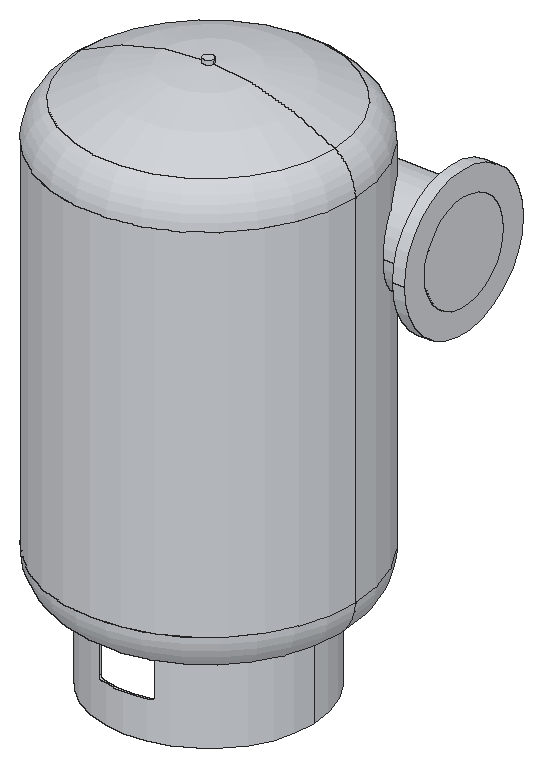
Revit family
Parameters (values of type "14-AS-L 125# W.P.")
  Weight = "1950 lbs"
  Top to Inlet = 20.875"
  Top Connection Radius = 0.375"
  Top Connection Diameter = Top Connection Radius * 2  # 0.750"
  Tank Height = 85.125"
  Tangential = yes
  Tank Height Less Stand = 71.750"
  Tank Diameter = 42.000"
  Pipe Location off CL = 13.000"
  Outlet Pipe Flange Conn. Radius = Outlet Pipe Flange Conn / 2  # 7.000"
  Outlet Pipe Flange Conn = 14.000"
  Model = "14\"-AS-L"
  Pressure Drop = ".2"
  Max Operating Temp = "350 DEG F"
  Max Operating Pressure = "125 PSI"
  Manufacturer = "Amtrol"
  Inlet CL to Outlet CL = 30.000"
  Inlet Pipe Flange Conn = 14.000"
  Inlet Pipe Flange Conn. Radius = Inlet Pipe Flange Conn / 2  # 7.000"
  Flow (GPM) = "2600"
  Flange to Flange Height = 52.000"
  CL to Outlet Flange = 26.000"
  Bottom Connection Radius = Bottom Connection Diameter / 2  # 0.375"
  Bottom Connection Diameter = 0.750"
  ASME = yes
Types (4): name | Max Operating Pressure
  (no name) | "125 PSI"
  14-AS-L 125# W.P. | "125 PSI"
  14-AS-L 150# W.P. 10 BAR | "150 PSI"
  14-AS-L 250# W.P. | "250 PSI"
Reference planes (in)
  plane 1 "Center (Front/Back)": y = 0
  plane 2: z = 0
  plane 3 "Center (Left/Right)": x = 0
Forms (in)
  Revolve 1, solid
    sketch origin (0, 0, 0) x (1, 0, 0) y (0, 0, 1)
      loop
        line (0, 72.75) -> (0, 1)
        arc (0, 1) -> (9.31453, 2.22068) -> (17.99612, 5.80964) r 36
        arc (17.99612, 5.80964) -> (20.19503, 8.00609) -> (21, 11.00803) r 6
        line (21, 11.00803) -> (21, 62.74198)
        arc (21, 62.74198) -> (20.19503, 65.74392) -> (17.99611, 67.94037) r 6
        arc (17.99611, 67.94037) -> (9.31453, 71.52933) -> (0, 72.75) r 36
      axis (0, 1) -> (0, 72.75)
    angle from 0 to 360
  Extrusion 2, solid
    sketch origin (0, 0, 4.33383) x (0, 1, 0) y (0, 0, 1)
      loop
        circle (13, 47.56734) r 7
    from 2.04863 to 26
  Extrusion 3, solid
    sketch origin (1.78583, 0, 18.02222) x (0, 1, 0) y (0, 0, 1)
      loop
        circle (13, 3.87895) r 7
    from -26.22027 to -1.78583
  Extrusion 4, solid
    sketch origin (6.54208, 0, 8.25512) x (0, 1, 0) y (0, 0, 1)
      loop
        circle (13, 43.64605) r 10.5
    from 19.45792 to 17.70792
  Extrusion 5, solid
    sketch origin (0, 0, 0.63219) x (0, 1, 0) y (0, 0, 1)
      loop
        circle (13, 21.26898) r 10.5
    from -24.43444 to -26
  Sweep 6, solid
    path origin (0.0083, 0, 42.63637) x (1, 0, 0) y (0, 0, 1)
      loop
        line (0, 30.1398) -> (0, 30.6398)
    profile origin (0.0083, 0, 73.02617) x (-1, 0, 0) y (0, -1, 0)
      loop
        circle (0, 0) r 0.75
  Sweep 7, solid
    path origin (0, 0, 0.47237) x (1, 0, 0) y (0, 0, 1)
      loop
        line (0, 0) -> (0, 0.5538)
    profile origin (0, 0, 0.74927) x (-1, 0, 0) y (0, -1, 0)
      loop
        circle (0, 0) r 0.75
  Extrusion 8, solid
    sketch origin (0, 0, 0) x (1, 0, 0) y (0, 1, 0)
      loop
        circle (0, 0) r 15
      loop
        circle (0, 0) r 14.75
    from 6.82804 to -6.54728
  Extrusion 9, void
    sketch origin (0, 0, 0) x (1, 0, 0) y (0, 0, 1)
      loop
        line (-3.98176, 6.82804) -> (-3.98176, -0.63548)
        arc (-3.98176, -0.63548) -> (-3.83532, -0.98904) -> (-3.48176, -1.13548) r 0.5
        line (-3.48176, -1.13548) -> (3.48176, -1.13548)
        arc (3.48176, -1.13548) -> (3.83532, -0.98904) -> (3.98176, -0.63548) r 0.5
        line (3.98176, -0.63548) -> (3.98176, 6.82804) -> (-3.98176, 6.82804)
    from 4.41095 to 19.03288
Cuts and joins
  Extrusion 9 cuts Sweep 7
  Extrusion 9 cuts Extrusion 8
Text (in)
  text "INLET" at (28.97557, 0, 57.02686), in view "Front"
  text "OUTLET" at (-37.63375, 0, 20.70085), in view "Front"
Dimensions and locks (in)
  "Pipe Location off CL": plane 1 "Center (Front/Back)" to Extrusion 2 sketch curve
  "Pipe Location off CL": plane 1 "Center (Front/Back)" to Extrusion 3 sketch curve
  "Pipe Location off CL": Extrusion 5 sketch curve to plane 1 "Center (Front/Back)"
  "Pipe Location off CL": Extrusion 4 sketch curve to plane 1 "Center (Front/Back)"
  "CL to Outlet Flange": Extrusion 5 to plane 3 "Center (Left/Right)"
  "Top to Inlet": Sweep 6 to Extrusion 4 sketch curve
  "Top to Inlet": Sweep 6 to Extrusion 2 sketch curve
  locked: Sweep 6 to Extrusion 5 sketch curve at 50.875
  Sweep 6 to Extrusion 3 sketch curve = 50.875"
  locked: Revolve 1 sketch curve to level at 1
  "Tank Height Less Stand": Revolve 1 sketch curve to Revolve 1 sketch curve
  "Tank Height Less Stand": Sweep 6 sketch curve to cut or joined group of Sweep 7, Extrusion 9
  Revolve 1 sketch curve to plane 3 "Center (Left/Right)" = 21.000"
  locked: Extrusion 4 to plane 3 "Center (Left/Right)" at 26
  radius of Revolve 1 sketch curve = 36.000"  (x2)
  aligned and locked: Extrusion 4 to Extrusion 2
  aligned and locked: Extrusion 3 to Extrusion 5
  aligned: Extrusion 3 to Extrusion 2
  aligned and locked: Extrusion 8 to Extrusion 9
Automatic sketch dimensions
  plane 1 "Center (Front/Back)" to Sweep 6 sketch curve = 0.000"
  Sweep 6 sketch curve to profile plane = 0.000"
  Sweep 7 sketch curve to plane 3 "Center (Left/Right)" = 0.000"
  level to Sweep 7 sketch curve = 0.47237"
  level to Sweep 7 sketch curve = 1.02617"
  plane 1 "Center (Front/Back)" to Sweep 7 sketch curve = 0.000"
  Sweep 7 sketch curve to profile plane = 0.000"
  Extrusion 8 sketch curve to Extrusion 8 sketch curve = 0.000"  (x2)
  plane 1 "Center (Front/Back)" to Extrusion 8 sketch curve = 0.000"
  Extrusion 8 sketch curve to plane 3 "Center (Left/Right)" = 0.000"
  Extrusion 9 sketch curve to plane 3 "Center (Left/Right)" = 3.98176"
  Extrusion 9 sketch curve to Extrusion 9 sketch curve = 0.500"  (x2)
  Extrusion 9 sketch curve to level = 0.63548"
  plane 3 "Center (Left/Right)" to Extrusion 9 sketch curve = 3.48176"
  level to Extrusion 9 sketch curve = 6.82804"
  plane 3 "Center (Left/Right)" to Sweep 6 sketch curve = 0.0083"
  Sweep 6 sketch curve to Sweep 6 sketch curve = 0.500"
  Revolve 1 sketch curve to plane 3 "Center (Left/Right)" = 0.000"  (x2)
  plane 3 "Center (Left/Right)" to Revolve 1 sketch curve = 0.01942"
  plane 3 "Center (Left/Right)" to Revolve 1 sketch curve = 0.01944"
  plane 3 "Center (Left/Right)" to Revolve 1 sketch curve = 15.000"
  Revolve 1 sketch curve to Revolve 1 sketch curve = 2.99612"
  Revolve 1 sketch curve to Revolve 1 sketch curve = 0.000"
  Revolve 1 sketch curve to Revolve 1 sketch curve = 2.99611"
  Revolve 1 sketch curve to level = 11.85551"
  Revolve 1 sketch curve to Revolve 1 sketch curve = 10.39449"
  radius of Extrusion 2 sketch curve = 7.000"
  radius of Extrusion 3 sketch curve = 7.000"
  radius of Extrusion 4 sketch curve = 10.500"
  radius of Extrusion 5 sketch curve = 10.500"
  radius of Sweep 6 sketch curve = 0.750"
  radius of Sweep 7 sketch curve = 0.750"
  radius of Extrusion 8 sketch curve = 15.000"
  radius of Extrusion 8 sketch curve = 14.750"
Connectors (in)
  piping at (0.0083, 0, 73.27617), driven by "Top Connection Radius"
    settings: on Sweep 6, index 3
  piping at (-26, 13, 21.90117), driven by "Outlet Pipe Flange Conn. Radius"
    settings: on Extrusion 5, index 4
  piping at (0, 0, 0.47237), driven by "Bottom Connection Radius"
    settings: on Sweep 7, index 5
  piping at (26, 13, 51.90117), driven by "Inlet Pipe Flange Conn. Radius"
    settings: on Extrusion 4, index 6
